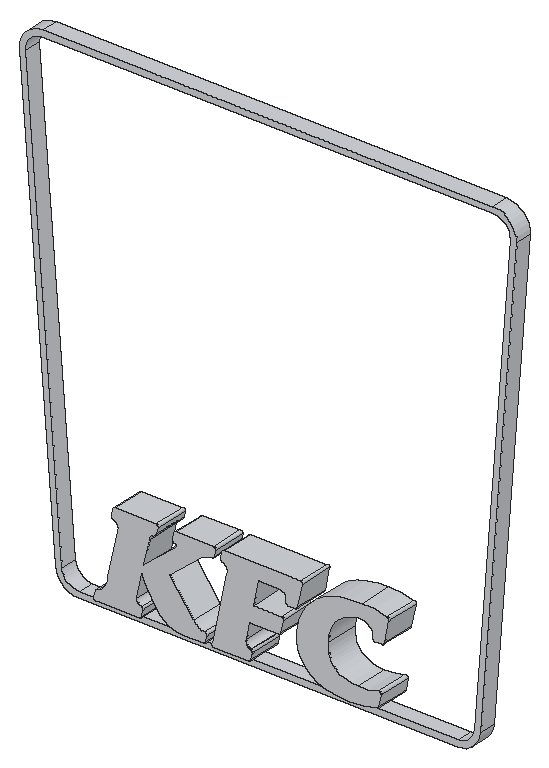
Revit family "ATT01_Colonel Lightbox", category Lighting Fixtures, Revit 2022
Family settings
  Round Connector Dimension = Use Diameter
  Part Type = Normal
  Work Plane-Based = No
  Always vertical = Yes
  Cut with Voids When Loaded = No
  Light Source = No
  Maintain Annotation Orientation = No
  Shared = No
  Room Calculation Point = No
Parameters
  Material_Perimeter = none
  Material_KFC Logo = none
  Light_Width = 1500 mm  # constant formula
  Light_Logo Thickness = 100 mm
  Light_Height = 1500 mm  # constant formula
  Light_Depth = 50 mm
  Default Elevation = 0 mm
Reference planes
  plane 1 "Center (Front/Back)": y = 0
  plane 2: z = 0
  plane 3 "Center (Left/Right)": x = 0
  plane 4: z = 1500
  plane 5: x = 750
  plane 6: x = -750
  plane 7: y = -50
  plane 8: y = -150
Forms (mm)
  Extrusion 1, solid, material <- "Material_KFC Logo"
    sketch origin (0, 0, 0) x (1, 0, 0) y (0, 0, 1)
      loop
        arc (-202.206, 323.919) -> (-206.495, 327.319) -> (-207.311, 332.732) r 7.464
        line (-207.311, 332.732) -> (-203.562, 349.66)
        arc (-203.562, 349.66) -> (-200.984, 353.871) -> (-196.327, 355.513) r 7.376
        line (-196.327, 355.513) -> (-84.337, 355.513)
        arc (-84.337, 355.513) -> (-78.887, 352.96) -> (-77.572, 347.087) r 6.83
        line (-77.572, 347.087) -> (-81.393, 329.782)
        arc (-81.393, 329.782) -> (-83.365, 326.457) -> (-86.823, 324.728) r 6.855
        line (-86.823, 324.728) -> (-88.235, 324.474)
        arc (-88.235, 324.474) -> (-106.927, 320.279) -> (-123.887, 311.37) r 73.073
        line (-123.887, 311.37) -> (-217.681, 233.37) -> (-145.939, 136.274)
        spline (-145.939, 136.274) -> (-142.606, 132.108) -> (-139.51, 128.504) -> (-136.615, 125.435) -> (-133.864, 122.852) -> (-131.21, 120.718) -> (-128.603, 118.992) -> (-125.994, 117.633) -> (-123.337, 116.605) -> (-120.581, 115.863) -> (-117.672, 115.365) -> (-114.56, 115.07) -> (-111.214, 114.953)
        arc (-111.214, 114.953) -> (-105.659, 112.155) -> (-104.312, 106.081) r 7.25
        line (-104.312, 106.081) -> (-108.215, 88.679)
        arc (-108.215, 88.679) -> (-110.574, 84.85) -> (-114.817, 83.36) r 6.735
        line (-114.817, 83.36) -> (-170.663, 83.36)
        spline (-170.663, 83.36) -> (-185.229, 83.939) -> (-198.235, 85.803) -> (-209.911, 89.068) -> (-220.545, 93.88) -> (-230.412, 100.378) -> (-239.789, 108.7) -> (-248.952, 118.986) -> (-258.174, 131.374) -> (-267.73, 146.002) -> (-277.898, 163.01) -> (-288.967, 182.544) -> (-301.165, 204.718)
        line (-301.165, 204.718) -> (-316.215, 135.964)
        spline (-316.215, 135.964) -> (-316.562, 133.387) -> (-316.486, 131.013) -> (-316.035, 128.835) -> (-315.257, 126.846) -> (-314.199, 125.039) -> (-312.909, 123.406) -> (-311.434, 121.941) -> (-309.821, 120.637) -> (-308.119, 119.487) -> (-306.373, 118.483) -> (-304.633, 117.618) -> (-302.946, 116.886)
        arc (-302.946, 116.886) -> (-298.857, 113.88) -> (-297.974, 108.883) r 6.825
        line (-297.974, 108.883) -> (-302.46, 88.658)
        arc (-302.46, 88.658) -> (-304.797, 84.874) -> (-308.979, 83.36) r 6.76
        line (-308.979, 83.36) -> (-438.361, 83.36)
        arc (-438.361, 83.36) -> (-444.043, 86.007) -> (-445.428, 92.121) r 7.117
        line (-445.428, 92.121) -> (-441.637, 109.241)
        arc (-441.637, 109.241) -> (-439.198, 113.304) -> (-434.804, 115.077) r 7.455
        spline (-434.804, 115.077) -> (-431.827, 115.56) -> (-428.846, 116.38) -> (-425.877, 117.615) -> (-422.94, 119.345) -> (-420.052, 121.652) -> (-417.234, 124.614) -> (-414.502, 128.313) -> (-411.877, 132.829) -> (-409.375, 138.24) -> (-407.016, 144.628) -> (-404.821, 152.082) -> (-402.802, 160.659)
        line (-402.802, 160.659) -> (-373.451, 295.05)
        spline (-373.451, 295.05) -> (-372.763, 299.299) -> (-372.557, 303.11) -> (-372.785, 306.511) -> (-373.398, 309.525) -> (-374.347, 312.179) -> (-375.585, 314.497) -> (-377.062, 316.506) -> (-378.73, 318.23) -> (-380.542, 319.694) -> (-382.447, 320.925) -> (-384.399, 321.948) -> (-386.347, 322.788)
        line (-386.347, 322.788) -> (-387.571, 323.211)
        arc (-387.571, 323.211) -> (-391.625, 326.601) -> (-392.351, 331.836) r 7.341
        line (-392.351, 331.836) -> (-388.401, 349.627)
        arc (-388.401, 349.627) -> (-385.818, 353.857) -> (-381.146, 355.513) r 7.411
        line (-381.146, 355.513) -> (-258.155, 355.513)
        arc (-258.155, 355.513) -> (-252.775, 353.004) -> (-251.468, 347.213) r 6.737
        line (-251.468, 347.213) -> (-255.367, 329.607)
        arc (-255.367, 329.607) -> (-257.143, 326.199) -> (-260.393, 324.15) r 7.364
        line (-260.393, 324.15) -> (-261.312, 323.786)
        arc (-261.312, 323.786) -> (-272.316, 317.473) -> (-278.83, 306.587) r 25.117
        line (-278.83, 306.587) -> (-295.422, 230.922) -> (-199.271, 310.832)
        arc (-199.271, 310.832) -> (-196.557, 318.252) -> (-202.187, 323.795) r 7.298
      loop
        line (177.834, 355.513) -> (-51.411, 355.513)
        arc (-51.411, 355.513) -> (-56.005, 353.875) -> (-58.595, 349.743) r 7.433
        line (-58.595, 349.743) -> (-62.574, 331.782)
        arc (-62.574, 331.782) -> (-61.834, 326.757) -> (-57.924, 323.514) r 7.095
        spline (-57.924, 323.514) -> (-55.95, 322.745) -> (-53.908, 321.76) -> (-51.846, 320.541) -> (-49.835, 319.064) -> (-47.943, 317.305) -> (-46.24, 315.241) -> (-44.792, 312.849) -> (-43.669, 310.104) -> (-42.938, 306.983) -> (-42.667, 303.463) -> (-42.926, 299.52) -> (-43.782, 295.13)
        line (-43.782, 295.13) -> (-88.681, 91.715)
        arc (-88.681, 91.715) -> (-87.378, 85.89) -> (-81.971, 83.36) r 6.77
        line (-81.971, 83.36) -> (21.095, 83.36)
        arc (21.095, 83.36) -> (25.31, 84.88) -> (27.655, 88.698) r 6.774
        line (27.655, 88.698) -> (32.136, 108.909)
        arc (32.136, 108.909) -> (31.637, 113.256) -> (28.483, 116.287) r 6.459
        arc (28.483, 116.287) -> (27.98, 116.516) -> (27.481, 116.752) r 43.368
        spline (27.481, 116.752) -> (25.794, 117.633) -> (24.033, 118.698) -> (22.249, 119.956) -> (20.499, 121.415) -> (18.84, 123.085) -> (17.326, 124.974) -> (16.014, 127.093) -> (14.958, 129.449) -> (14.215, 132.052) -> (13.842, 134.911) -> (13.892, 138.035) -> (14.42, 141.433)
        arc (14.42, 141.433) -> (19.466, 164.552) -> (24.565, 187.659) r 10339.375
        line (24.565, 187.659) -> (112.316, 187.659)
        arc (112.316, 187.659) -> (116.523, 189.157) -> (118.894, 192.941) r 6.801
        line (118.894, 192.941) -> (127.126, 230.041)
        arc (127.126, 230.041) -> (125.819, 235.894) -> (120.39, 238.444) r 6.81
        line (120.39, 238.444) -> (35.809, 238.448) -> (51.618, 310.529) -> (110.781, 310.596)
        spline (110.781, 310.596) -> (115.252, 310.392) -> (119.204, 309.791) -> (122.65, 308.8) -> (125.618, 307.43) -> (128.127, 305.691) -> (130.198, 303.592) -> (131.854, 301.144) -> (133.116, 298.356) -> (134.004, 295.239) -> (134.543, 291.803) -> (134.753, 288.059) -> (134.652, 284.012)
        arc (134.652, 284.012) -> (134.6, 283.325) -> (134.529, 282.639) r 24.502
        arc (134.529, 282.639) -> (136.277, 277.31) -> (141.423, 275.079) r 6.841
        line (141.423, 275.079) -> (163.216, 275.079)
        arc (163.216, 275.079) -> (167.416, 276.599) -> (169.764, 280.398) r 6.791
        line (169.764, 280.398) -> (184.569, 347.104)
        arc (184.569, 347.104) -> (183.266, 352.962) -> (177.834, 355.513) r 6.807
      loop
        spline (166.126, 212.368) -> (165.467, 195.377) -> (167.179, 178.694) -> (171.308, 162.525) -> (177.911, 147.128) -> (187.04, 132.731) -> (198.748, 119.575) -> (213.086, 107.894) -> (230.109, 97.926) -> (249.869, 89.911) -> (272.416, 84.072) -> (297.812, 80.685) -> (326.087, 79.888)
        arc (326.087, 79.888) -> (368.447, 82.955) -> (410.014, 91.667) r 316.415
        arc (410.014, 91.667) -> (413.607, 94.012) -> (415.474, 97.875) r 8.007
        line (415.474, 97.875) -> (421.817, 131.466)
        arc (421.817, 131.466) -> (419.586, 138.106) -> (412.681, 139.286) r 6.827
        arc (412.681, 139.286) -> (381.963, 132.369) -> (350.557, 130.103) r 210.874
        spline (350.557, 130.103) -> (337.239, 130.782) -> (324.686, 132.785) -> (312.944, 136.097) -> (302.14, 140.678) -> (292.378, 146.495) -> (283.755, 153.519) -> (276.37, 161.718) -> (270.328, 171.059) -> (265.728, 181.512) -> (262.668, 193.045) -> (261.276, 205.618) -> (261.602, 219.217)
        spline (261.602, 219.217) -> (263.483, 232.607) -> (266.592, 245.288) -> (270.938, 257.274) -> (276.417, 268.401) -> (282.987, 278.606) -> (290.573, 287.769) -> (299.109, 295.788) -> (308.537, 302.572) -> (318.799, 308.029) -> (329.822, 312.047) -> (341.528, 314.502) -> (353.905, 315.376)
        spline (353.905, 315.376) -> (361.165, 315.047) -> (367.728, 314.102) -> (373.599, 312.558) -> (378.789, 310.462) -> (383.307, 307.849) -> (387.161, 304.755) -> (390.36, 301.218) -> (392.913, 297.273) -> (394.829, 292.958) -> (396.118, 288.317) -> (396.787, 283.375) -> (396.841, 278.154)
        arc (396.841, 278.154) -> (396.817, 277.538) -> (396.785, 276.922) r 47.164
        arc (396.785, 276.922) -> (398.605, 271.91) -> (403.477, 269.742) r 6.815
        line (403.477, 269.742) -> (424.207, 269.742)
        arc (424.207, 269.742) -> (428.509, 271.234) -> (430.908, 275.104) r 6.806
        line (430.908, 275.104) -> (445.428, 340.452)
        arc (445.428, 340.452) -> (444.413, 346.423) -> (439.491, 349.954) r 7.965
        arc (439.491, 349.954) -> (402.763, 357.464) -> (365.347, 359.78) r 268.23
        spline (365.347, 359.78) -> (329.243, 357.851) -> (297.638, 352.706) -> (270.241, 344.756) -> (246.768, 334.394) -> (226.934, 322.018) -> (210.456, 308.025) -> (197.049, 292.813) -> (186.428, 276.779) -> (178.31, 260.32) -> (172.41, 243.834) -> (168.443, 227.718) -> (166.126, 212.368)
    from 50 to 150
  Extrusion 2, solid, material <- "Material_Perimeter"
    sketch origin (0, 0, 0) x (1, 0, 0) y (0, 0, 1)
      loop
        arc (-641.789, 63.271) -> (-619.299, 18.537) -> (-572.787, 0) r 70.531
        line (-572.787, 0) -> (572.787, 0)
        arc (572.787, 0) -> (619.299, 18.537) -> (641.789, 63.271) r 70.532
        line (641.789, 63.271) -> (749.816, 1424.83)
        arc (749.816, 1424.83) -> (731.148, 1477.659) -> (679.761, 1499.994) r 70.193
        line (679.761, 1499.994) -> (-679.761, 1499.994)
        arc (-679.761, 1499.994) -> (-731.148, 1477.659) -> (-749.816, 1424.828) r 70.194
        line (-749.816, 1424.828) -> (-641.789, 63.271)
      loop
        line (-731.626, 1426.869) -> (-623.59, 65.185)
        arc (-623.59, 65.185) -> (-606.798, 31.745) -> (-571.879, 18.296) r 51.888
        line (-571.879, 18.296) -> (571.879, 18.296)
        arc (571.879, 18.296) -> (606.798, 31.745) -> (623.59, 65.185) r 51.888
        line (623.59, 65.185) -> (731.624, 1426.842)
        arc (731.624, 1426.842) -> (717.533, 1465.467) -> (679.761, 1481.704) r 51.872
        line (679.761, 1481.704) -> (-679.761, 1481.704)
        arc (-679.761, 1481.704) -> (-717.525, 1465.477) -> (-731.626, 1426.869) r 51.869
    from 0 to 50
Lines and regions (mm)
  model lines
    curve 1: line (3733.747, 0, -938.871) -> (3743.232, 0, -949.46)
    curve 2: line (3743.232, 0, -949.46) -> (3773.631, 0, -949.46)
    curve 3: line (3773.631, 0, -949.46) -> (3782.87, 0, -942.044)
    curve 4: line (3782.87, 0, -942.044) -> (3803.55, 0, -848.86)
    curve 5: line (3803.55, 0, -848.86) -> (3794.282, 0, -837.313)
    curve 6: line (3794.282, 0, -837.313) -> (3474.573, 0, -837.313)
    curve 7: line (3474.573, 0, -837.313) -> (3464.457, 0, -845.43)
    curve 8: line (3464.457, 0, -845.43) -> (3458.923, 0, -870.412)
    curve 9: line (3458.923, 0, -870.412) -> (3465.264, 0, -881.877)
    curve 10: line (3465.264, 0, -881.877) -> (3466.333, 0, -882.263)
    curve 11: line (3466.333, 0, -882.263) -> (3485.126, 0, -921.504)
    curve 12: line (3485.126, 0, -921.504) -> (3422.488, 0, -1205.292)
    curve 13: line (3422.488, 0, -1205.292) -> (3431.703, 0, -1216.769)
    curve 14: line (3431.703, 0, -1216.769) -> (3575.5, 0, -1216.769)
    curve 15: line (3575.5, 0, -1216.769) -> (3584.721, 0, -1209.365)
    curve 16: line (3584.721, 0, -1209.365) -> (3591.003, 0, -1181.035)
    curve 17: line (3591.003, 0, -1181.035) -> (3585.884, 0, -1170.861)
    curve 18: line (3585.884, 0, -1170.861) -> (3584.487, 0, -1170.212)
    curve 19: line (3584.487, 0, -1170.212) -> (3566.337, 0, -1135.582)
    curve 20: line (3566.337, 0, -1135.582) -> (3580.414, 0, -1071.348)
    curve 21: line (3580.414, 0, -1071.348) -> (3702.7, 0, -1071.348)
    curve 22: line (3702.7, 0, -1071.348) -> (3711.956, 0, -1063.921)
    curve 23: line (3711.956, 0, -1063.921) -> (3723.457, 0, -1012.093)
    curve 24: line (3723.457, 0, -1012.093) -> (3714.182, 0, -1000.54)
    curve 25: line (3714.182, 0, -1000.54) -> (3596.099, 0, -1000.534)
    curve 26: line (3596.099, 0, -1000.534) -> (3618.141, 0, -900.034)
    curve 27: line (3618.141, 0, -900.034) -> (3700.631, 0, -899.94)
    curve 28: line (3700.631, 0, -899.94) -> (3733.87, 0, -937.603)
    curve 29: line (3733.87, 0, -937.603) -> (3733.747, 0, -938.871)
    curve 30: line (3272.416, 0, -837.314) -> (3428.753, 0, -837.314)
    curve 31: line (3428.753, 0, -837.314) -> (3438.05, 0, -848.902)
    curve 32: line (3438.05, 0, -848.902) -> (3432.744, 0, -872.931)
    curve 33: line (3432.744, 0, -872.931) -> (3424.311, 0, -880.353)
    curve 34: line (3424.311, 0, -880.353) -> (3423.137, 0, -880.475)
    curve 35: line (3423.137, 0, -880.475) -> (3372.647, 0, -899.52)
    curve 36: line (3372.647, 0, -899.52) -> (3242.664, 0, -1007.615)
    curve 37: line (3242.664, 0, -1007.615) -> (3342.692, 0, -1142.993)
    curve 38: line (3342.692, 0, -1142.993) -> (3391.125, 0, -1172.731)
    curve 39: line (3391.125, 0, -1172.731) -> (3400.732, 0, -1185.091)
    curve 40: line (3400.732, 0, -1185.091) -> (3395.274, 0, -1209.424)
    curve 41: line (3395.274, 0, -1209.424) -> (3386.105, 0, -1216.769)
    curve 42: line (3386.105, 0, -1216.769) -> (3308.22, 0, -1216.769)
    curve 43: line (3308.22, 0, -1216.769) -> (3126.265, 0, -1047.563)
    curve 44: line (3126.265, 0, -1047.563) -> (3105.28, 0, -1143.425)
    curve 45: line (3105.28, 0, -1143.425) -> (3123.705, 0, -1169.915)
    curve 46: line (3123.705, 0, -1169.915) -> (3124.868, 0, -1170.376)
    curve 47: line (3124.868, 0, -1170.376) -> (3130.688, 0, -1181.298)
    curve 48: line (3130.688, 0, -1181.298) -> (3124.459, 0, -1209.383)
    curve 49: line (3124.459, 0, -1209.383) -> (3115.261, 0, -1216.769)
    curve 50: line (3115.261, 0, -1216.769) -> (2934.778, 0, -1216.769)
    curve 51: line (2934.778, 0, -1216.769) -> (2925.089, 0, -1204.702)
    curve 52: line (2925.089, 0, -1204.702) -> (2930.407, 0, -1180.69)
    curve 53: line (2930.407, 0, -1180.69) -> (2939.423, 0, -1172.591)
    curve 54: line (2939.949, 0, -1172.527) -> (2984.554, 0, -1108.994)
    curve 55: line (2984.554, 0, -1108.994) -> (3025.478, 0, -921.615)
    curve 56: line (3025.478, 0, -921.615) -> (3007.497, 0, -882.941)
    curve 57: line (3007.497, 0, -882.941) -> (3005.79, 0, -882.351)
    curve 58: line (3005.79, 0, -882.351) -> (2999.099, 0, -870.442)
    curve 59: line (2999.099, 0, -870.442) -> (3004.657, 0, -845.413)
    curve 60: line (3004.657, 0, -845.413) -> (3014.749, 0, -837.314)
    curve 61: line (3014.749, 0, -837.314) -> (3186.42, 0, -837.314)
    curve 62: line (3186.42, 0, -837.314) -> (3195.588, 0, -848.738)
    curve 63: line (3195.588, 0, -848.738) -> (3190.119, 0, -873.434)
    curve 64: line (3190.119, 0, -873.434) -> (3183.112, 0, -881.042)
    curve 65: line (3183.112, 0, -881.042) -> (3181.803, 0, -881.451)
    curve 66: line (3181.803, 0, -881.451) -> (3157.16, 0, -906.649)
    curve 67: line (3157.16, 0, -906.649) -> (3134.271, 0, -1011.027)
    curve 68: line (3134.271, 0, -1011.027) -> (3267.507, 0, -900.297)
    curve 69: line (3267.507, 0, -900.297) -> (3264.319, 0, -881.497)
    curve 70: line (3264.319, 0, -881.497) -> (3257.105, 0, -869.156)
    curve 71: line (3257.105, 0, -869.156) -> (3262.37, 0, -845.378)
    curve 72: line (3262.37, 0, -845.378) -> (3272.416, 0, -837.314)
    curve 73: line (4167.221, 0, -858.313) -> (4146.967, 0, -949.463)
    curve 74: line (4146.967, 0, -949.463) -> (4137.699, 0, -956.902)
    curve 75: line (4137.699, 0, -956.902) -> (4108.883, 0, -956.902)
    curve 76: line (4108.883, 0, -956.902) -> (4099.399, 0, -946.897)
    curve 77: line (4099.399, 0, -946.897) -> (4099.475, 0, -945.209)
    curve 78: line (4099.475, 0, -945.209) -> (4039.612, 0, -893.275)
    curve 79: line (4039.612, 0, -893.275) -> (3910.916, 0, -1027.348)
    curve 80: line (3910.916, 0, -1027.348) -> (4034.954, 0, -1151.609)
    curve 81: line (4034.954, 0, -1151.609) -> (4122.125, 0, -1138.6)
    curve 82: line (4122.125, 0, -1138.6) -> (4134.344, 0, -1149.464)
    curve 83: line (4134.344, 0, -1149.464) -> (4125.403, 0, -1196.558)
    curve 84: line (4125.403, 0, -1196.558) -> (4117.842, 0, -1205.09)
    curve 85: line (4117.842, 0, -1205.09) -> (3991.512, 0, -1221.727)
    curve 86: line (3991.512, 0, -1221.727) -> (3777.796, 0, -1036.896)
    curve 87: line (3777.796, 0, -1036.896) -> (4058.458, 0, -831.355)
    curve 88: line (4058.458, 0, -831.355) -> (4159.344, 0, -845.17)
    curve 89: line (4159.344, 0, -845.17) -> (4167.221, 0, -858.313)
    curve 90: line (3407.398, 0, -366.238) -> (3303.894, 0, -205.495)
    curve 91: line (3465.572, 0, -409.23) -> (3407.398, 0, -366.238)
    curve 92: line (3448.351, 0, -411.129) -> (3465.549, 0, -409.429)
    curve 93: line (3399.369, 0, -413.128) -> (3448.351, 0, -411.129)
    curve 94: line (3383.094, 0, -432.535) -> (3399.369, 0, -413.128)
    curve 95: line (3382.527, 0, -470.659) -> (3383.094, 0, -432.535)
    curve 96: line (3386.846, 0, -499.369) -> (3382.527, 0, -470.659)
    curve 97: line (3418.951, 0, -505.155) -> (3386.846, 0, -499.369)
    curve 98: line (3509.418, 0, -502.268) -> (3418.951, 0, -505.155)
    curve 99: line (3511.913, 0, -515.44) -> (3509.418, 0, -502.268)
    curve 100: line (3424.906, 0, -714.43) -> (3511.913, 0, -515.44)
    curve 101: line (3452.815, 0, -728.536) -> (3424.906, 0, -714.43)
    curve 102: line (3488.17, 0, -731.797) -> (3452.815, 0, -728.536)
    curve 103: line (3544.258, 0, -588.357) -> (3488.17, 0, -731.797)
    curve 104: line (3547.425, 0, -586.92) -> (3544.258, 0, -588.357)
    curve 105: line (3545.058, 0, -753.401) -> (3547.425, 0, -586.92)
    curve 106: line (3554.681, 0, -762.738) -> (3545.058, 0, -753.401)
    curve 107: line (3601, 0, -756.884) -> (3554.681, 0, -762.738)
    curve 108: line (3604.734, 0, -756.078) -> (3601, 0, -756.884)
    curve 109: line (3606.733, 0, -753.723) -> (3604.734, 0, -756.078)
    curve 110: line (3608.977, 0, -747.014) -> (3606.733, 0, -753.723)
    curve 111: arc (3610.748, 0, -736.542) -> (3610.054, 0, -741.532) -> (3609.094, 0, -746.477) r 93.679
    curve 112: arc (3611.215, 0, -730.599) -> (3611.012, 0, -733.573) -> (3610.748, 0, -736.542) r 144.533
    curve 113: line (3611.782, 0, -690.833) -> (3611.215, 0, -730.599)
    curve 114: line (3611.49, 0, -683.563) -> (3611.782, 0, -690.833)
    curve 115: line (3599.913, 0, -559.764) -> (3611.49, 0, -683.563)
    curve 116: line (3597.021, 0, -547.364) -> (3599.913, 0, -559.764)
    curve 117: line (3586.654, 0, -507.749) -> (3597.021, 0, -547.364)
    curve 118: line (3585.585, 0, -501.52) -> (3586.654, 0, -507.749)
    curve 119: line (3590.704, 0, -500.538) -> (3585.585, 0, -501.52)
    curve 120: line (3592.521, 0, -500.211) -> (3590.704, 0, -500.538)
    curve 121: line (3641.708, 0, -499.767) -> (3592.521, 0, -500.211)
    curve 122: line (3687.598, 0, -503.711) -> (3641.708, 0, -499.767)
    curve 123: line (3706.374, 0, -480.196) -> (3687.598, 0, -503.711)
    curve 124: line (3706.246, 0, -462.414) -> (3706.374, 0, -480.196)
    curve 125: line (3706.257, 0, -459.743) -> (3706.246, 0, -462.414)
    curve 126: line (3706.31, 0, -454.864) -> (3706.257, 0, -459.743)
    curve 127: line (3706.357, 0, -452.094) -> (3706.31, 0, -454.864)
    curve 128: line (3706.427, 0, -447.057) -> (3706.357, 0, -452.094)
    curve 129: line (3706.561, 0, -443.007) -> (3706.427, 0, -447.057)
    curve 130: line (3706.596, 0, -441.867) -> (3706.561, 0, -443.007)
    curve 131: line (3706.69, 0, -439.232) -> (3706.596, 0, -441.867)
    curve 132: line (3706.742, 0, -438.04) -> (3706.69, 0, -439.232)
    curve 133: line (3706.847, 0, -436.14) -> (3706.742, 0, -438.04)
    curve 134: line (3707.034, 0, -432.967) -> (3706.888, 0, -435.556)
    curve 135: line (3694.213, 0, -411.608) -> (3707.034, 0, -432.967)
    curve 136: line (3633.304, 0, -409.189) -> (3694.213, 0, -411.608)
    curve 137: line (3630.476, 0, -408.324) -> (3633.304, 0, -409.189)
    curve 138: line (3703.978, 0, -354.206) -> (3630.499, 0, -408.126)
    curve 139: line (3775.873, 0, -272.627) -> (3703.978, 0, -354.206)
    curve 140: line (3817.79, 0, -114.502) -> (3775.873, 0, -272.627)
    curve 141: line (3828.806, 0, -101.36) -> (3817.79, 0, -114.502)
    curve 142: line (3847.582, 0, -96.989) -> (3828.806, 0, -101.36)
    curve 143: line (3882.843, 0, -28.81) -> (3847.582, 0, -96.989)
    curve 144: line (3917.776, 0, 107.939) -> (3882.843, 0, -28.81)
    curve 145: line (3900.865, 0, 174.358) -> (3917.776, 0, 107.939)
    curve 146: line (3897.259, 0, 176.398) -> (3900.865, 0, 174.358)
    curve 147: line (3895.325, 0, 181.014) -> (3897.259, 0, 176.398)
    curve 148: line (3896.406, 0, 185.602) -> (3895.325, 0, 181.014)
    curve 149: line (3921.487, 0, 287.235) -> (3896.406, 0, 185.602)
    curve 150: line (3914.592, 0, 295.452) -> (3921.487, 0, 287.235)
    curve 151: line (3901.729, 0, 312.79) -> (3914.592, 0, 295.452)
    curve 152: arc (3901.174, 0, 315.747) -> (3901.357, 0, 314.251) -> (3901.729, 0, 312.79) r 11.805
    curve 153: line (3797.589, 0, 546.901) -> (3901.174, 0, 315.747)
    curve 154: line (3789.565, 0, 554.217) -> (3797.589, 0, 546.901)
    curve 155: line (3766.091, 0, 573.776) -> (3789.565, 0, 554.217)
    curve 156: line (3699.075, 0, 615.477) -> (3766.091, 0, 573.776)
    curve 157: line (3637.038, 0, 636.321) -> (3699.075, 0, 615.477)
    curve 158: arc (3626.981, 0, 638.875) -> (3632.02, 0, 637.638) -> (3637.038, 0, 636.321) r 329.176
    curve 159: line (3604.319, 0, 642.878) -> (3626.981, 0, 638.875)
    curve 160: line (3532.97, 0, 646.582) -> (3604.319, 0, 642.878)
    curve 161: line (3525.394, 0, 646.238) -> (3532.97, 0, 646.582)
    curve 162: line (3520.754, 0, 646.075) -> (3525.394, 0, 646.238)
    curve 163: line (3515.571, 0, 645.905) -> (3520.754, 0, 646.075)
    curve 164: line (3495.767, 0, 643.784) -> (3515.571, 0, 645.905)
    curve 165: line (3463.089, 0, 637.812) -> (3495.767, 0, 643.784)
    curve 166: line (3427.43, 0, 628.906) -> (3463.089, 0, 637.812)
    curve 167: arc (3409.028, 0, 623.231) -> (3418.209, 0, 626.134) -> (3427.43, 0, 628.906) r 677.275
    curve 168: line (3403.874, 0, 621.595) -> (3409.028, 0, 623.231)
    curve 169: line (3383.889, 0, 614.741) -> (3403.874, 0, 621.595)
    curve 170: line (3353.794, 0, 601.984) -> (3383.889, 0, 614.741)
    curve 171: line (3327.246, 0, 580.689) -> (3345.443, 0, 598.401)
    curve 172: line (3324.955, 0, 572.029) -> (3327.246, 0, 580.689)
    curve 173: line (3234.775, 0, 522.001) -> (3324.955, 0, 572.029)
    curve 174: line (3226.722, 0, 516.011) -> (3234.775, 0, 522.001)
    curve 175: line (3268.224, 0, 474.883) -> (3226.722, 0, 516.011)
    curve 176: line (3253.586, 0, 469.583) -> (3268.224, 0, 474.883)
    curve 177: line (3223.274, 0, 469.922) -> (3253.586, 0, 469.583)
    curve 178: line (3185.839, 0, 440.954) -> (3222.988, 0, 469.892)
    curve 179: line (3187.043, 0, 433.106) -> (3185.839, 0, 440.954)
    curve 180: line (3203.745, 0, 405.062) -> (3187.043, 0, 433.106)
    curve 181: line (3207.169, 0, 394.298) -> (3203.897, 0, 404.676)
    curve 182: line (3206.666, 0, 374.044) -> (3207.169, 0, 394.298)
    curve 183: line (3171.528, 0, 333.5) -> (3206.666, 0, 374.044)
    curve 184: line (3184.665, 0, 251.378) -> (3171.528, 0, 333.5)
    curve 185: line (3203.055, 0, 180.967) -> (3184.665, 0, 251.378)
    curve 186: line (3202.178, 0, 179.413) -> (3203.055, 0, 180.967)
    curve 187: line (3195.569, 0, 177.917) -> (3202.178, 0, 179.413)
    curve 188: line (3176.811, 0, 142.124) -> (3195.569, 0, 177.917)
    curve 189: line (3216.764, 0, -30.686) -> (3176.811, 0, 142.124)
    curve 190: line (3244.692, 0, -95.674) -> (3216.764, 0, -30.686)
    curve 191: line (3260.177, 0, -101.424) -> (3244.692, 0, -95.674)
    curve 192: line (3278.001, 0, -107.94) -> (3260.177, 0, -101.424)
    curve 193: line (3279.105, 0, -120.977) -> (3278.001, 0, -107.94)
    curve 194: line (3303.894, 0, -205.495) -> (3279.105, 0, -120.977)
    curve 195: line (3885.817, 0, 111.655) -> (3861.484, 0, 15)
    curve 196: line (3861.484, 0, 15) -> (3830.325, 0, -58.152)
    curve 197: line (3830.325, 0, -58.152) -> (3805.127, 0, -58.157)
    curve 198: line (3805.127, 0, -58.157) -> (3792.563, 0, -78.084)
    curve 199: line (3792.563, 0, -78.084) -> (3787.193, 0, -93.664)
    curve 200: line (3787.193, 0, -93.664) -> (3779.368, 0, -163.362)
    curve 201: line (3779.368, 0, -163.362) -> (3727.102, 0, -278.524)
    curve 202: line (3727.102, 0, -278.524) -> (3644.816, 0, -334.682)
    curve 203: line (3644.816, 0, -334.682) -> (3627.496, 0, -334.565)
    curve 204: line (3627.496, 0, -334.565) -> (3617.415, 0, -324.917)
    curve 205: line (3617.415, 0, -324.917) -> (3610.321, 0, -329.276)
    curve 206: line (3610.321, 0, -329.276) -> (3607.335, 0, -362.854)
    curve 207: line (3607.335, 0, -362.854) -> (3577.251, 0, -412.625)
    curve 208: line (3577.251, 0, -412.625) -> (3565.874, 0, -429.017)
    curve 209: line (3565.874, 0, -429.017) -> (3494.358, 0, -334.238)
    curve 210: line (3494.358, 0, -334.238) -> (3501.505, 0, -286.179)
    curve 211: line (3501.505, 0, -286.179) -> (3508.716, 0, -249.399)
    curve 212: line (3508.716, 0, -249.399) -> (3508.716, 0, -220.016)
    curve 213: line (3508.716, 0, -220.016) -> (3529.841, 0, -243.099)
    curve 214: line (3529.841, 0, -243.099) -> (3532.126, 0, -207.914)
    curve 215: line (3532.126, 0, -207.914) -> (3512.895, 0, -195.707)
    curve 216: line (3512.895, 0, -195.707) -> (3510.668, 0, -182.202)
    curve 217: line (3510.668, 0, -182.202) -> (3535.767, 0, -175.54)
    curve 218: line (3535.767, 0, -175.54) -> (3645.079, 0, -164.665)
    curve 219: line (3645.079, 0, -164.665) -> (3657.252, 0, -164.606)
    curve 220: line (3657.252, 0, -164.606) -> (3674.152, 0, -177.837)
    curve 221: line (3674.152, 0, -177.837) -> (3677.5, 0, -220.864)
    curve 222: line (3677.5, 0, -220.864) -> (3695.201, 0, -215.943)
    curve 223: line (3695.201, 0, -215.943) -> (3701.588, 0, -189.933)
    curve 224: line (3701.588, 0, -189.933) -> (3711.517, 0, -164.338)
    curve 225: line (3711.517, 0, -164.338) -> (3729.428, 0, -136.551)
    curve 226: line (3729.428, 0, -136.551) -> (3733.921, 0, -93.132)
    curve 227: line (3733.921, 0, -93.132) -> (3723.759, 0, -63.054)
    curve 228: line (3723.759, 0, -63.054) -> (3697.977, 0, -46.452)
    curve 229: line (3697.977, 0, -46.452) -> (3666.543, 0, -5.313)
    curve 230: line (3666.543, 0, -5.313) -> (3625.801, 0, 22.661)
    curve 231: line (3625.801, 0, 22.661) -> (3616.837, 0, 6.79)
    curve 232: line (3616.837, 0, 6.79) -> (3615.884, 0, -14.663)
    curve 233: line (3615.884, 0, -14.663) -> (3545.777, 0, -34.198)
    curve 234: line (3545.777, 0, -34.198) -> (3496.199, 0, 15)
    curve 235: line (3496.199, 0, 15) -> (3510.569, 0, 58.022)
    curve 236: line (3510.569, 0, 58.022) -> (3519.305, 0, 97.601)
    curve 237: line (3519.305, 0, 97.601) -> (3526.616, 0, 132.751)
    curve 238: line (3526.616, 0, 132.751) -> (3542.698, 0, 141.376)
    curve 239: line (3542.698, 0, 141.376) -> (3560.603, 0, 127.585)
    curve 240: line (3560.603, 0, 127.585) -> (3580.687, 0, 88.654)
    curve 241: line (3580.687, 0, 88.654) -> (3593.363, 0, 92.727)
    curve 242: line (3593.363, 0, 92.727) -> (3600.492, 0, 104.672)
    curve 243: line (3600.492, 0, 104.672) -> (3594.905, 0, 116.804)
    curve 244: line (3594.905, 0, 116.804) -> (3602.058, 0, 120.573)
    curve 245: line (3602.058, 0, 120.573) -> (3643.817, 0, 107.547)
    curve 246: line (3643.817, 0, 107.547) -> (3706.766, 0, 110.393)
    curve 247: line (3706.766, 0, 110.393) -> (3717.559, 0, 103.754)
    curve 248: line (3717.559, 0, 103.754) -> (3724.881, 0, 92.517)
    curve 249: line (3724.881, 0, 92.517) -> (3738.374, 0, 90.326)
    curve 250: line (3738.374, 0, 90.326) -> (3750.821, 0, 80.8)
    curve 251: line (3750.821, 0, 80.8) -> (3705.042, 0, 46.913)
    curve 252: line (3705.042, 0, 46.913) -> (3696.101, 0, 44.727)
    curve 253: line (3696.101, 0, 44.727) -> (3696.434, 0, 29.422)
    curve 254: line (3696.434, 0, 29.422) -> (3724.379, 0, 28.511)
    curve 255: line (3724.379, 0, 28.511) -> (3766.313, 0, 57.145)
    curve 256: line (3766.313, 0, 57.145) -> (3786.953, 0, 126.907)
    curve 257: line (3786.953, 0, 126.907) -> (3795.906, 0, 150.837)
    curve 258: line (3795.906, 0, 150.837) -> (3823.184, 0, 159.17)
    curve 259: line (3823.184, 0, 159.17) -> (3830.611, 0, 149.172)
    curve 260: line (3830.611, 0, 149.172) -> (3829.186, 0, 87.404)
    curve 261: line (3829.186, 0, 87.404) -> (3835.117, 0, 80.929)
    curve 262: line (3835.117, 0, 80.929) -> (3855.173, 0, 101.084)
    curve 263: line (3855.173, 0, 101.084) -> (3854.267, 0, 128.579)
    curve 264: line (3854.267, 0, 128.579) -> (3866.854, 0, 147.822)
    curve 265: line (3866.854, 0, 147.822) -> (3885.817, 0, 112.397)
    curve 266: line (3568.93, 0, -148.373) -> (3520.497, 0, -150.903)
    curve 267: line (3520.497, 0, -150.903) -> (3497.292, 0, -140.478)
    curve 268: line (3497.292, 0, -140.478) -> (3500.214, 0, -134.289)
    curve 269: line (3500.214, 0, -134.289) -> (3595.431, 0, -133.629)
    curve 270: line (3595.431, 0, -133.629) -> (3607.335, 0, -134.663)
    curve 271: line (3607.335, 0, -134.663) -> (3607.516, 0, -140.18)
    curve 272: line (3607.516, 0, -140.18) -> (3568.93, 0, -148.373)
    curve 273: line (3398.755, 0, -98) -> (3403.541, 0, -90.865)
    curve 274: line (3403.541, 0, -90.865) -> (3429.721, 0, -77.675)
    curve 275: line (3429.721, 0, -77.675) -> (3457.619, 0, -59.478)
    curve 276: line (3457.619, 0, -59.478) -> (3493.458, 0, -56.591)
    curve 277: line (3493.458, 0, -56.591) -> (3558.627, 0, -75.537)
    curve 278: line (3558.627, 0, -75.537) -> (3593.871, 0, -53.401)
    curve 279: line (3593.871, 0, -53.401) -> (3615.645, 0, -42.642)
    curve 280: line (3615.645, 0, -42.642) -> (3632.136, 0, -45.903)
    curve 281: line (3632.136, 0, -45.903) -> (3652.372, 0, -69.78)
    curve 282: line (3652.372, 0, -69.78) -> (3683.484, 0, -91.694)
    curve 283: line (3683.484, 0, -91.694) -> (3690.964, 0, -97.55)
    curve 284: line (3690.964, 0, -97.55) -> (3676.39, 0, -107.11)
    curve 285: line (3676.39, 0, -107.11) -> (3563.297, 0, -101.979)
    curve 286: line (3563.297, 0, -101.979) -> (3526.101, 0, -102.347)
    curve 287: line (3526.101, 0, -102.347) -> (3447.375, 0, -113.731)
    curve 288: line (3447.375, 0, -113.731) -> (3398.755, 0, -98)
    curve 289: line (3316.715, 0, -143.633) -> (3338.109, 0, -89.076)
    curve 290: line (3338.109, 0, -89.076) -> (3350.153, 0, -85.664)
    curve 291: line (3350.153, 0, -85.664) -> (3363.068, 0, -97.936)
    curve 292: line (3363.068, 0, -97.936) -> (3393.098, 0, -222.88)
    curve 293: line (3393.098, 0, -222.88) -> (3406.112, 0, -224.043)
    curve 294: line (3406.112, 0, -224.043) -> (3413.464, 0, -206.78)
    curve 295: line (3413.464, 0, -206.78) -> (3424.754, 0, -201.638)
    curve 296: line (3424.754, 0, -201.638) -> (3446.604, 0, -272.522)
    curve 297: line (3446.604, 0, -272.522) -> (3432.152, 0, -289.913)
    curve 298: line (3432.152, 0, -289.913) -> (3316.715, 0, -143.633)
    curve 299: line (3323.371, 0, 41.753) -> (3343.24, 0, 33.718)
    curve 300: line (3343.24, 0, 33.718) -> (3353.764, 0, 38.404)
    curve 301: line (3353.764, 0, 38.404) -> (3352.157, 0, 53.931)
    curve 302: line (3352.157, 0, 53.931) -> (3314.834, 0, 87.591)
    curve 303: line (3314.834, 0, 87.591) -> (3319.199, 0, 99.185)
    curve 304: line (3319.199, 0, 99.185) -> (3329.589, 0, 96.508)
    curve 305: line (3329.589, 0, 96.508) -> (3347.383, 0, 85.674)
    curve 306: line (3347.383, 0, 85.674) -> (3355.874, 0, 89.367)
    curve 307: line (3355.874, 0, 89.367) -> (3407.118, 0, 113.326)
    curve 308: line (3407.118, 0, 113.326) -> (3436.032, 0, 108.587)
    curve 309: line (3436.032, 0, 108.587) -> (3455.784, 0, 109.54)
    curve 310: line (3455.784, 0, 109.54) -> (3472.164, 0, 106.314)
    curve 311: line (3472.164, 0, 106.314) -> (3466.87, 0, 90.372)
    curve 312: line (3466.87, 0, 90.372) -> (3467.6, 0, 89.35)
    curve 313: line (3467.6, 0, 89.35) -> (3467.641, 0, 68.949)
    curve 314: line (3467.641, 0, 68.949) -> (3467.109, 0, 68.166)
    curve 315: line (3467.109, 0, 68.166) -> (3416.73, 0, 47.135)
    curve 316: line (3416.73, 0, 47.135) -> (3402.244, 0, 39.135)
    curve 317: line (3402.244, 0, 39.135) -> (3402.606, 0, 32.578)
    curve 318: line (3402.606, 0, 32.578) -> (3415.153, 0, 26.559)
    curve 319: line (3415.153, 0, 26.559) -> (3434.209, 0, 27.476)
    curve 320: line (3434.209, 0, 27.476) -> (3438.849, 0, 23.935)
    curve 321: line (3438.849, 0, 23.935) -> (3437.102, 0, 21.434)
    curve 322: line (3437.102, 0, 21.434) -> (3427.752, 0, 0.274)
    curve 323: line (3427.752, 0, 0.274) -> (3421.405, 0, -9.088)
    curve 324: line (3421.271, 0, -9.158) -> (3386.069, 0, -26.338)
    curve 325: line (3386.069, 0, -26.338) -> (3331.997, 0, -33.029)
    curve 326: line (3331.997, 0, -33.029) -> (3304.578, 0, 34.53)
    curve 327: line (3304.578, 0, 34.53) -> (3323.371, 0, 41.753)
    curve 328: line (3284.563, 0, 173.552) -> (3274.787, 0, 175.79)
    curve 329: line (3274.787, 0, 175.79) -> (3276.101, 0, 182.142)
    curve 330: line (3276.101, 0, 182.142) -> (3283.64, 0, 182.937)
    curve 331: line (3283.64, 0, 182.937) -> (3301.311, 0, 183.305)
    curve 332: line (3301.311, 0, 183.305) -> (3295.771, 0, 170.735)
    curve 333: line (3295.771, 0, 170.735) -> (3284.563, 0, 173.552)
    curve 334: line (3248.712, 0, -2.052) -> (3234.009, 0, 27.284)
    curve 335: line (3234.009, 0, 27.284) -> (3214.158, 0, 99.22)
    curve 336: line (3214.158, 0, 99.22) -> (3228.218, 0, 145.385)
    curve 337: line (3228.218, 0, 145.385) -> (3247.707, 0, 133.54)
    curve 338: line (3247.707, 0, 133.54) -> (3245.019, 0, 93.838)
    curve 339: line (3245.019, 0, 93.838) -> (3255.695, 0, 32.952)
    curve 340: line (3255.695, 0, 32.952) -> (3250.938, 0, -3.542)
    curve 341: line (3250.938, 0, -3.542) -> (3248.712, 0, -2.052)
    curve 342: line (3240.361, 0, 360.808) -> (3240.49, 0, 396.419)
    curve 343: line (3240.49, 0, 396.419) -> (3229.72, 0, 421.98)
    curve 344: line (3229.72, 0, 421.98) -> (3229.586, 0, 427.309)
    curve 345: line (3229.586, 0, 427.309) -> (3231.035, 0, 428.262)
    curve 346: line (3231.035, 0, 428.262) -> (3246.03, 0, 429.547)
    curve 347: line (3246.03, 0, 429.547) -> (3338.22, 0, 456.522)
    curve 348: line (3338.22, 0, 456.522) -> (3377.928, 0, 470.079)
    curve 349: arc (3377.928, 0, 470.079) -> (3386.886, 0, 471.399) -> (3395.874, 0, 472.493) r 358.761
    curve 350: line (3395.874, 0, 472.493) -> (3414.796, 0, 465.749)
    curve 351: line (3414.796, 0, 465.749) -> (3344.935, 0, 418.707)
    curve 352: line (3344.935, 0, 418.707) -> (3316.721, 0, 374.178)
    curve 353: line (3316.721, 0, 374.178) -> (3297.04, 0, 354.473)
    curve 354: line (3297.04, 0, 354.473) -> (3280.011, 0, 331.338)
    curve 355: line (3280.011, 0, 331.338) -> (3257.226, 0, 209.9)
    curve 356: line (3257.226, 0, 209.9) -> (3248.255, 0, 191.051)
    curve 357: line (3248.255, 0, 191.051) -> (3236.212, 0, 188.95)
    curve 358: line (3236.212, 0, 188.95) -> (3219.523, 0, 255.545)
    curve 359: arc (3219.523, 0, 255.545) -> (3217.587, 0, 265.02) -> (3215.415, 0, 274.444) r 385.761
    curve 360: line (3215.415, 0, 274.444) -> (3212.65, 0, 315.478)
    curve 361: line (3212.65, 0, 315.478) -> (3240.361, 0, 360.808)
    curve 362: line (3321.881, 0, 137.899) -> (3307.722, 0, 147.652)
    curve 363: line (3307.722, 0, 147.652) -> (3327.567, 0, 167.071)
    curve 364: line (3327.567, 0, 167.071) -> (3339.588, 0, 169.046)
    curve 365: line (3354.162, 0, 170.279) -> (3357.691, 0, 160.69)
    curve 366: line (3357.691, 0, 160.69) -> (3343.146, 0, 152.345)
    curve 367: line (3343.146, 0, 152.345) -> (3321.881, 0, 137.899)
    curve 368: line (3363.956, 0, 143.264) -> (3380.447, 0, 153.21)
    curve 369: line (3380.447, 0, 153.21) -> (3419.091, 0, 166.948)
    curve 370: line (3419.091, 0, 166.948) -> (3441.42, 0, 158.101)
    curve 371: line (3441.42, 0, 158.101) -> (3441.233, 0, 145.49)
    curve 372: line (3441.233, 0, 145.49) -> (3410.857, 0, 145.49)
    curve 373: line (3410.857, 0, 145.49) -> (3375.398, 0, 131.915)
    curve 374: line (3375.398, 0, 131.915) -> (3356.394, 0, 127.392)
    curve 375: line (3356.394, 0, 127.392) -> (3353.911, 0, 137.689)
    curve 376: line (3353.911, 0, 137.689) -> (3363.956, 0, 143.264)
    curve 377: line (3477.049, 0, -19.484) -> (3457.227, 0, -13.324)
    curve 378: line (3457.227, 0, -13.324) -> (3457.782, 0, 21.925)
    curve 379: line (3457.782, 0, 21.925) -> (3476.786, 0, 20.955)
    curve 380: line (3476.786, 0, 20.955) -> (3475.062, 0, -7.615)
    curve 381: line (3475.062, 0, -7.615) -> (3477.049, 0, -19.484)
    curve 382: line (3718.669, 0, 124.272) -> (3698.14, 0, 138.414)
    curve 383: line (3698.14, 0, 138.414) -> (3670.897, 0, 145.362)
    curve 384: line (3670.897, 0, 145.362) -> (3649.024, 0, 141.861)
    curve 385: line (3649.024, 0, 141.861) -> (3644.355, 0, 147.915)
    curve 386: line (3644.355, 0, 147.915) -> (3672.925, 0, 162.478)
    curve 387: line (3672.925, 0, 162.478) -> (3683.373, 0, 162.665)
    curve 388: line (3683.373, 0, 162.665) -> (3706.789, 0, 150.311)
    curve 389: line (3706.789, 0, 150.311) -> (3733.916, 0, 128.111)
    curve 390: line (3733.916, 0, 128.111) -> (3737.375, 0, 119.942)
    curve 391: line (3737.375, 0, 119.942) -> (3718.669, 0, 124.272)
    curve 392: line (3714.894, 0, 164.365) -> (3718.313, 0, 170.127)
    curve 393: line (3718.313, 0, 170.127) -> (3758.518, 0, 164.342)
    curve 394: line (3758.518, 0, 164.342) -> (3761.48, 0, 143.725)
    curve 395: line (3761.48, 0, 143.725) -> (3748.548, 0, 139.109)
    curve 396: line (3748.548, 0, 139.109) -> (3729.877, 0, 150.305)
    curve 397: line (3729.877, 0, 150.305) -> (3714.894, 0, 164.365)
    curve 398: line (3805.045, 0, 173.359) -> (3794.328, 0, 170.349)
    curve 399: line (3794.328, 0, 170.349) -> (3788.554, 0, 182.82)
    curve 400: line (3788.554, 0, 182.82) -> (3806.237, 0, 182.767)
    curve 401: line (3806.237, 0, 182.767) -> (3813.793, 0, 182.101)
    curve 402: line (3813.793, 0, 182.101) -> (3815.213, 0, 175.79)
    curve 403: line (3815.213, 0, 175.79) -> (3805.045, 0, 173.359)
    curve 404: line (3339.699, 0, 519.278) -> (3409.034, 0, 557.571)
    curve 405: line (3409.034, 0, 557.571) -> (3419.646, 0, 560.943)
    curve 406: line (3419.646, 0, 560.943) -> (3418.589, 0, 573.297)
    curve 407: line (3418.589, 0, 573.297) -> (3399.392, 0, 573.911)
    curve 408: line (3399.392, 0, 573.911) -> (3395.401, 0, 580.771)
    curve 409: line (3395.401, 0, 580.771) -> (3418.612, 0, 594.141)
    curve 410: line (3418.612, 0, 594.141) -> (3515.39, 0, 612.549)
    curve 411: line (3515.39, 0, 612.549) -> (3566.768, 0, 613.508)
    curve 412: line (3566.768, 0, 613.508) -> (3604.88, 0, 607.722)
    curve 413: line (3604.88, 0, 607.722) -> (3710.599, 0, 567.576)
    curve 414: line (3710.599, 0, 567.576) -> (3761.93, 0, 532.496)
    curve 415: line (3761.93, 0, 532.496) -> (3858.69, 0, 269.447)
    curve 416: line (3858.69, 0, 269.447) -> (3854.407, 0, 237.102)
    curve 417: line (3854.407, 0, 237.102) -> (3844.245, 0, 235.121)
    curve 418: line (3844.245, 0, 235.121) -> (3791.64, 0, 370.713)
    curve 419: line (3791.64, 0, 370.713) -> (3781.811, 0, 369.784)
    curve 420: line (3781.811, 0, 369.784) -> (3782.693, 0, 332.284)
    curve 421: line (3782.693, 0, 332.284) -> (3806.296, 0, 269.202)
    curve 422: line (3806.296, 0, 269.202) -> (3819.964, 0, 216.322)
    curve 423: line (3819.964, 0, 216.322) -> (3821.039, 0, 203.279)
    curve 424: line (3821.039, 0, 203.279) -> (3818.375, 0, 197.306)
    curve 425: line (3818.375, 0, 197.306) -> (3775.757, 0, 203.185)
    curve 426: line (3775.757, 0, 203.185) -> (3645.202, 0, 201.906)
    curve 427: line (3645.202, 0, 201.906) -> (3577, 0, 172.845)
    curve 428: line (3577, 0, 172.845) -> (3567.212, 0, 166.82)
    curve 429: line (3567.212, 0, 166.82) -> (3555.577, 0, 167.766)
    curve 430: line (3555.577, 0, 167.766) -> (3530.437, 0, 167.667)
    curve 431: line (3530.437, 0, 167.667) -> (3510.791, 0, 168.205)
    curve 432: line (3510.791, 0, 168.205) -> (3417.35, 0, 203.296)
    curve 433: line (3417.35, 0, 203.296) -> (3306.536, 0, 202.846)
    curve 434: line (3306.536, 0, 202.846) -> (3290.594, 0, 201.502)
    curve 435: line (3290.594, 0, 201.502) -> (3290.343, 0, 204.307)
    curve 436: line (3290.343, 0, 204.307) -> (3326.702, 0, 256.877)
    curve 437: line (3326.702, 0, 256.877) -> (3395.635, 0, 417.013)
    curve 438: line (3395.635, 0, 417.013) -> (3462.674, 0, 441.13)
    curve 439: line (3462.674, 0, 441.13) -> (3530.408, 0, 427.233)
    curve 440: line (3530.408, 0, 427.233) -> (3550.89, 0, 421.442)
    curve 441: line (3550.89, 0, 421.442) -> (3571.25, 0, 438.564)
    curve 442: line (3571.25, 0, 438.564) -> (3569.731, 0, 451.491)
    curve 443: line (3569.731, 0, 451.491) -> (3462.51, 0, 516.373)
    curve 444: line (3462.51, 0, 516.373) -> (3424.742, 0, 520.949)
    curve 445: line (3424.742, 0, 520.949) -> (3395.231, 0, 519.266)
    curve 446: line (3395.231, 0, 519.266) -> (3320.163, 0, 495.143)
    curve 447: line (3320.163, 0, 495.143) -> (3324.476, 0, 504.82)
    curve 448: line (3324.476, 0, 504.82) -> (3339.699, 0, 519.278)
Dimensions and locks
  "Light_Width": plane 5 to plane 6
  "Light_Height": plane 4 to plane 2
  "Light_Depth": plane 7 to plane 1 "Center (Front/Back)"
  "Light_Logo Thickness": plane 8 to plane 7
  aligned and locked: level to plane 2
  aligned and locked: Extrusion 1 to plane 7
  aligned and locked: plane 8 to Extrusion 1
  aligned and locked: Extrusion 2 to plane 1 "Center (Front/Back)"
  aligned and locked: plane 7 to Extrusion 2
Automatic sketch dimensions
  level to Extrusion 1 sketch curve = 92.121 mm
  plane 6 to Extrusion 1 sketch curve = 304.572 mm
  level to Extrusion 1 sketch curve = 109.241 mm
  Extrusion 1 sketch curve to Extrusion 1 sketch curve = 3.792 mm
  Extrusion 1 sketch curve to Extrusion 1 sketch curve = 6.924 mm  (x2)
  Extrusion 1 sketch curve to Extrusion 1 sketch curve = 0.143 mm
  level to Extrusion 1 sketch curve = 115.077 mm
  Extrusion 1 sketch curve to Extrusion 1 sketch curve = 6.833 mm
  Extrusion 1 sketch curve to Extrusion 1 sketch curve = 0.447 mm
  level to Extrusion 1 sketch curve = 160.659 mm
  Extrusion 1 sketch curve to Extrusion 1 sketch curve = 32.002 mm
  Extrusion 1 sketch curve to Extrusion 1 sketch curve = 10.45 mm
  Extrusion 1 sketch curve to Extrusion 1 sketch curve = 3.95 mm
  Extrusion 1 sketch curve to Extrusion 1 sketch curve = 4.78 mm
  Extrusion 1 sketch curve to Extrusion 1 sketch curve = 1.224 mm
  Extrusion 1 sketch curve to Extrusion 1 sketch curve = 2.367 mm
  Extrusion 1 sketch curve to Extrusion 1 sketch curve = 7.253 mm
  Extrusion 1 sketch curve to Extrusion 1 sketch curve = 12.896 mm
  level to Extrusion 1 sketch curve = 135.964 mm
  Extrusion 1 sketch curve to Extrusion 1 sketch curve = 86.586 mm
  Extrusion 1 sketch curve to Extrusion 1 sketch curve = 7.155 mm
  Extrusion 1 sketch curve to Extrusion 1 sketch curve = 0.082 mm
  Extrusion 1 sketch curve to Extrusion 1 sketch curve = 4.405 mm  (x2)
  level to Extrusion 1 sketch curve = 116.886 mm
  Extrusion 1 sketch curve to Extrusion 1 sketch curve = 1.709 mm
  Extrusion 1 sketch curve to Extrusion 1 sketch curve = 15.051 mm
  level to Extrusion 1 sketch curve = 108.883 mm
  Extrusion 1 sketch curve to Extrusion 1 sketch curve = 6.681 mm
  Extrusion 1 sketch curve to Extrusion 1 sketch curve = 5.742 mm
  Extrusion 1 sketch curve to Extrusion 1 sketch curve = 16.592 mm
  Extrusion 1 sketch curve to Extrusion 1 sketch curve = 16.27 mm
  Extrusion 1 sketch curve to Extrusion 1 sketch curve = 1.248 mm
  Extrusion 1 sketch curve to Extrusion 1 sketch curve = 0.92 mm
  Extrusion 1 sketch curve to Extrusion 1 sketch curve = 0.135 mm
  Extrusion 1 sketch curve to Extrusion 1 sketch curve = 6.594 mm
  Extrusion 1 sketch curve to Extrusion 1 sketch curve = 6.553 mm
  Extrusion 1 sketch curve to Extrusion 1 sketch curve = 37.037 mm
  Extrusion 1 sketch curve to Extrusion 1 sketch curve = 44.157 mm
  Extrusion 1 sketch curve to Extrusion 1 sketch curve = 3.633 mm
  Extrusion 1 sketch curve to Extrusion 1 sketch curve = 3.748 mm
  Extrusion 1 sketch curve to Extrusion 1 sketch curve = 7.274 mm
  Extrusion 1 sketch curve to Extrusion 1 sketch curve = 4.406 mm
  Extrusion 1 sketch curve to Extrusion 1 sketch curve = 7.217 mm
  Extrusion 1 sketch curve to Extrusion 1 sketch curve = 0.018 mm  (x2)
  Extrusion 1 sketch curve to Extrusion 1 sketch curve = 127.311 mm
  Extrusion 1 sketch curve to Extrusion 1 sketch curve = 24.724 mm
  Extrusion 1 sketch curve to Extrusion 1 sketch curve = 75.384 mm
  Extrusion 1 sketch curve to Extrusion 1 sketch curve = 55.846 mm
  Extrusion 1 sketch curve to Extrusion 1 sketch curve = 3.416 mm
  Extrusion 1 sketch curve to Extrusion 1 sketch curve = 0.168 mm
  level to Extrusion 1 sketch curve = 88.679 mm
  Extrusion 1 sketch curve to Extrusion 1 sketch curve = 6.584 mm
  Extrusion 1 sketch curve to Extrusion 1 sketch curve = 35.851 mm
  Extrusion 1 sketch curve to Extrusion 1 sketch curve = 3.699 mm
  Extrusion 1 sketch curve to Extrusion 1 sketch curve = 0.124 mm
  Extrusion 1 sketch curve to Extrusion 1 sketch curve = 42.17 mm
  Extrusion 1 sketch curve to Extrusion 1 sketch curve = 6.642 mm
  Extrusion 1 sketch curve to Extrusion 1 sketch curve = 6.641 mm
  Extrusion 1 sketch curve to Extrusion 1 sketch curve = 5.319 mm  (x2)
  Extrusion 1 sketch curve to Extrusion 1 sketch curve = 8.761 mm
  Extrusion 1 sketch curve to Extrusion 1 sketch curve = 6.76 mm
  Extrusion 1 sketch curve to Extrusion 1 sketch curve = 17.61 mm
  Extrusion 1 sketch curve to Extrusion 1 sketch curve = 7.248 mm
  Extrusion 1 sketch curve to Extrusion 1 sketch curve = 21.322 mm
  Extrusion 1 sketch curve to Extrusion 1 sketch curve = 68.754 mm
  Extrusion 1 sketch curve to Extrusion 1 sketch curve = 26.204 mm
  Extrusion 1 sketch curve to Extrusion 1 sketch curve = 2.447 mm
  Extrusion 1 sketch curve to Extrusion 1 sketch curve = 115.419 mm
  Extrusion 1 sketch curve to Extrusion 1 sketch curve = 64.128 mm
  Extrusion 1 sketch curve to Extrusion 1 sketch curve = 66.18 mm
  Extrusion 1 sketch curve to Extrusion 1 sketch curve = 7.037 mm
  Extrusion 1 sketch curve to Extrusion 1 sketch curve = 11.282 mm
  Extrusion 1 sketch curve to Extrusion 1 sketch curve = 59.677 mm
  Extrusion 1 sketch curve to Extrusion 1 sketch curve = 5.818 mm
  Extrusion 1 sketch curve to Extrusion 1 sketch curve = 27.738 mm
  Extrusion 1 sketch curve to Extrusion 1 sketch curve = 0.423 mm
  Extrusion 1 sketch curve to Extrusion 1 sketch curve = 0.363 mm
  Extrusion 1 sketch curve to Extrusion 1 sketch curve = 18.412 mm
  Extrusion 1 sketch curve to Extrusion 1 sketch curve = 6.949 mm
  Extrusion 1 sketch curve to Extrusion 1 sketch curve = 14.41 mm
  Extrusion 1 sketch curve to Extrusion 1 sketch curve = 7.038 mm
  Extrusion 1 sketch curve to Extrusion 1 sketch curve = 1.693 mm
  Extrusion 1 sketch curve to Extrusion 1 sketch curve = 1.672 mm
  Extrusion 1 sketch curve to Extrusion 1 sketch curve = 17.305 mm
  Extrusion 1 sketch curve to Extrusion 1 sketch curve = 16.025 mm
  Extrusion 1 sketch curve to Extrusion 1 sketch curve = 17.941 mm
  Extrusion 1 sketch curve to Extrusion 1 sketch curve = 17.076 mm
  Extrusion 1 sketch curve to Extrusion 1 sketch curve = 1.597 mm
  Extrusion 1 sketch curve to Extrusion 1 sketch curve = 1.564 mm
  Extrusion 1 sketch curve to Extrusion 1 sketch curve = 1.525 mm
  Extrusion 1 sketch curve to Extrusion 1 sketch curve = 0.003 mm
  Extrusion 1 sketch curve to Extrusion 1 sketch curve = 0 mm  (x4)
  Extrusion 1 sketch curve to Extrusion 1 sketch curve = 6.6 mm
  level to Extrusion 1 sketch curve = 88.658 mm
  Extrusion 1 sketch curve to Extrusion 1 sketch curve = 7.193 mm
  Extrusion 1 sketch curve to Extrusion 1 sketch curve = 1.471 mm
  Extrusion 1 sketch curve to Extrusion 1 sketch curve = 0.019 mm
  Extrusion 1 sketch curve to Extrusion 1 sketch curve = 7.066 mm
  Extrusion 1 sketch curve to Extrusion 1 sketch curve = 0.005 mm
  Extrusion 1 sketch curve to Extrusion 1 sketch curve = 0.2 mm
  Extrusion 1 sketch curve to Extrusion 1 sketch curve = 1.412 mm
  Extrusion 1 sketch curve to Extrusion 1 sketch curve = 0.001 mm
  Extrusion 1 sketch curve to Extrusion 1 sketch curve = 19.534 mm
  Extrusion 1 sketch curve to Extrusion 1 sketch curve = 6.582 mm
  Extrusion 1 sketch curve to Extrusion 1 sketch curve = 0.128 mm
  Extrusion 1 sketch curve to Extrusion 1 sketch curve = 18.819 mm
  Extrusion 1 sketch curve to Extrusion 1 sketch curve = 3.979 mm
  Extrusion 1 sketch curve to Extrusion 1 sketch curve = 4.65 mm
  Extrusion 1 sketch curve to Extrusion 1 sketch curve = 7.184 mm
  Extrusion 1 sketch curve to Extrusion 1 sketch curve = 0.061 mm  (x2)
  Extrusion 1 sketch curve to Extrusion 1 sketch curve = 14.142 mm
  plane 3 "Center (Left/Right)" to Extrusion 1 sketch curve = 14.42 mm
  plane 3 "Center (Left/Right)" to Extrusion 1 sketch curve = 21.034 mm
  plane 3 "Center (Left/Right)" to Extrusion 1 sketch curve = 24.565 mm
  Extrusion 1 sketch curve to Extrusion 1 sketch curve = 4.815 mm
  Extrusion 1 sketch curve to Extrusion 1 sketch curve = 1.632 mm
  Extrusion 1 sketch curve to Extrusion 1 sketch curve = 6.62 mm
  Extrusion 1 sketch curve to Extrusion 1 sketch curve = 6.288 mm
  plane 3 "Center (Left/Right)" to Extrusion 1 sketch curve = 35.809 mm
  Extrusion 1 sketch curve to Extrusion 1 sketch curve = 31.828 mm
  plane 3 "Center (Left/Right)" to Extrusion 1 sketch curve = 51.618 mm
  Extrusion 1 sketch curve to Extrusion 1 sketch curve = 58.578 mm
  Extrusion 1 sketch curve to Extrusion 1 sketch curve = 0.585 mm
  Extrusion 1 sketch curve to Extrusion 1 sketch curve = 66.017 mm
  Extrusion 1 sketch curve to Extrusion 1 sketch curve = 0.051 mm
  Extrusion 1 sketch curve to Extrusion 1 sketch curve = 6.629 mm
  Extrusion 1 sketch curve to Extrusion 1 sketch curve = 8.125 mm
  Extrusion 1 sketch curve to Extrusion 1 sketch curve = 0.116 mm
  Extrusion 1 sketch curve to Extrusion 1 sketch curve = 6.621 mm
  Extrusion 1 sketch curve to Extrusion 1 sketch curve = 24.455 mm
  Extrusion 1 sketch curve to Extrusion 1 sketch curve = 6.68 mm
  Extrusion 1 sketch curve to Extrusion 1 sketch curve = 0.091 mm
  Extrusion 1 sketch curve to Extrusion 1 sketch curve = 21.803 mm
  Extrusion 1 sketch curve to Extrusion 1 sketch curve = 0.081 mm
  Extrusion 1 sketch curve to Extrusion 1 sketch curve = 6.63 mm
  Extrusion 1 sketch curve to Extrusion 1 sketch curve = 14.699 mm
  Extrusion 1 sketch curve to Extrusion 1 sketch curve = 0.119 mm
  Extrusion 1 sketch curve to Extrusion 1 sketch curve = 6.616 mm
  Extrusion 1 sketch curve to level = 2051.892 mm
  plane 5 to Extrusion 1 sketch curve = 9368.478 mm
  Extrusion 1 sketch curve to Extrusion 1 sketch curve = 5.318 mm
  Extrusion 1 sketch curve to Extrusion 1 sketch curve = 5.338 mm
  Extrusion 1 sketch curve to Extrusion 1 sketch curve = 6.769 mm
  Extrusion 1 sketch curve to Extrusion 1 sketch curve = 20.211 mm
  Extrusion 1 sketch curve to Extrusion 1 sketch curve = 1.479 mm
  Extrusion 1 sketch curve to Extrusion 1 sketch curve = 6.363 mm
  Extrusion 1 sketch curve to Extrusion 1 sketch curve = 24.681 mm
  Extrusion 1 sketch curve to Extrusion 1 sketch curve = 14.416 mm
  Extrusion 1 sketch curve to Extrusion 1 sketch curve = 5.282 mm
  Extrusion 1 sketch curve to Extrusion 1 sketch curve = 37.1 mm
  Extrusion 1 sketch curve to Extrusion 1 sketch curve = 1.595 mm
  Extrusion 1 sketch curve to Extrusion 1 sketch curve = 50.789 mm
  Extrusion 1 sketch curve to Extrusion 1 sketch curve = 36.635 mm
  Extrusion 1 sketch curve to Extrusion 1 sketch curve = 6.84 mm
  Extrusion 1 sketch curve to Extrusion 1 sketch curve = 2.093 mm
  Extrusion 1 sketch curve to Extrusion 1 sketch curve = 1.502 mm
  Extrusion 1 sketch curve to Extrusion 1 sketch curve = 34.651 mm
  Extrusion 1 sketch curve to Extrusion 1 sketch curve = 25.014 mm
  Extrusion 1 sketch curve to Extrusion 1 sketch curve = 25.081 mm
  Extrusion 1 sketch curve to Extrusion 1 sketch curve = 6.268 mm
  Extrusion 1 sketch curve to Extrusion 1 sketch curve = 6.72 mm
  Extrusion 1 sketch curve to Extrusion 1 sketch curve = 66.706 mm
  Extrusion 1 sketch curve to Extrusion 1 sketch curve = 17.846 mm
  Extrusion 1 sketch curve to Extrusion 1 sketch curve = 1.603 mm
  Extrusion 1 sketch curve to Extrusion 1 sketch curve = 38.999 mm
  Extrusion 1 sketch curve to Extrusion 1 sketch curve = 95.476 mm
  Extrusion 1 sketch curve to Extrusion 1 sketch curve = 139.902 mm
  level to Extrusion 1 sketch curve = 79.888 mm
  Extrusion 1 sketch curve to Extrusion 1 sketch curve = 64.485 mm
  Extrusion 1 sketch curve to Extrusion 1 sketch curve = 88.1 mm
  level to Extrusion 1 sketch curve = 130.103 mm
  Extrusion 1 sketch curve to Extrusion 1 sketch curve = 24.47 mm
  Extrusion 1 sketch curve to Extrusion 1 sketch curve = 1.425 mm
  Extrusion 1 sketch curve to Extrusion 1 sketch curve = 2.779 mm
  Extrusion 1 sketch curve to Extrusion 1 sketch curve = 14.221 mm
  Extrusion 1 sketch curve to Extrusion 1 sketch curve = 16.967 mm
  Extrusion 1 sketch curve to Extrusion 1 sketch curve = 47.139 mm
  Extrusion 1 sketch curve to Extrusion 1 sketch curve = 6.636 mm
  Extrusion 1 sketch curve to Extrusion 1 sketch curve = 0.114 mm
  Extrusion 1 sketch curve to Extrusion 1 sketch curve = 40.071 mm
  Extrusion 1 sketch curve to Extrusion 1 sketch curve = 7.552 mm
  level to Extrusion 1 sketch curve = 97.875 mm
  Extrusion 1 sketch curve to Extrusion 1 sketch curve = 7.879 mm
  level to Extrusion 1 sketch curve = 131.466 mm
  Extrusion 1 sketch curve to Extrusion 1 sketch curve = 6.671 mm
  Extrusion 1 sketch curve to Extrusion 1 sketch curve = 20.73 mm
  Extrusion 1 sketch curve to Extrusion 1 sketch curve = 0.049 mm
  Extrusion 1 sketch curve to Extrusion 1 sketch curve = 6.651 mm
  Extrusion 1 sketch curve to Extrusion 1 sketch curve = 13.401 mm
  Extrusion 1 sketch curve to Extrusion 1 sketch curve = 7.771 mm
  Extrusion 1 sketch curve to Extrusion 1 sketch curve = 38.543 mm
  Extrusion 1 sketch curve to Extrusion 1 sketch curve = 1.424 mm
  Extrusion 1 sketch curve to Extrusion 1 sketch curve = 1.453 mm
  Extrusion 1 sketch curve to Extrusion 1 sketch curve = 17.672 mm
  Extrusion 1 sketch curve to Extrusion 1 sketch curve = 6.848 mm
  Extrusion 1 sketch curve to Extrusion 1 sketch curve = 136.823 mm
  Extrusion 1 sketch curve to Extrusion 1 sketch curve = 5.362 mm
  Extrusion 1 sketch curve to Extrusion 1 sketch curve = 6.814 mm
  Extrusion 1 sketch curve to Extrusion 1 sketch curve = 1.598 mm
  Extrusion 1 sketch curve to Extrusion 1 sketch curve = 1.518 mm
